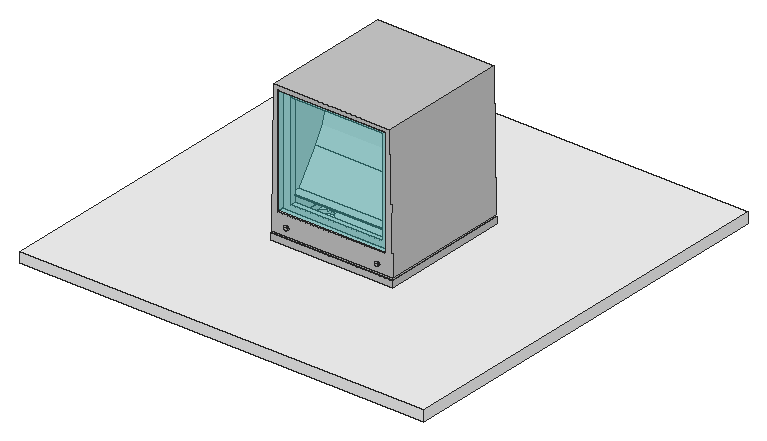
Revit family "BE_24371_de_DE", category Leuchten, Revit 2015
Parameters (values of type "BEGA_24371_Silber_K3")
  built-in parameter 1150104 = 12.802 (stored number, unit not read)
  Wattage = 16.4 W
  Default Elevation = 0 mm
  built-in parameter 1150113 = 1 (stored number, unit not read)
  built-in parameter 1114218 = 1 (stored number, unit not read)
  Umgebungstemperatur = ""
  URL = "http://www.bega.de/produkt/24371"
  Typenkommentare = "© 2016 BEGA. Wir behalten uns das Recht vor, technische Änderungen ohne vorherige Ankündigung vorzunehmen."  # constant formula
  Type Image = 24371.png
  built-in parameter 1150134 = (empty or 0)
  built-in parameter 1150109 = 1 (stored number, unit not read)
  Strom = ""
  built-in parameter 1150110 = 1 (stored number, unit not read)
  Spannung = 239.996 V
  Sonderanfertigung = no
  Seriennummer [instance] = "Hier können Sie die eindeutige Seriennummer für das Facility Management eintragen."
  Schutzklasse = "I"
  Schutzart = "IP 64"
  Scheinlast = 0 VA
  Produktdatenblatt = "http://www.bega.de/download/Xrfa/db/24371.db.de.pdf"
  Oberflächentemperatur = ""
  Neigungswinkel = 0.00°
  Modell = "24371A"
  Material_17 = BEGA_Reflektor
  Material_15 = BEGA_Leuchtmedium_matt
  Material_11 = BEGA_Glas_opal
  Material_09 = BEGA_Glas_klar
  Material_06 = BEGA_Oberfläche_Edelstahl_gebürstet
  Material_02 = BEGA_Oberfläche_Silber_matt
  Material_01 [instance] = BEGA_Oberfläche_Grafit_matt
  M_W = no
  M_G = no
  M_A = yes
  Logo = 0
  built-in parameter 1114217 = 1 (stored number, unit not read)
  built-in parameter 1150139 = (empty or 0)
  built-in parameter 1150105 = 179.84 (stored number, unit not read)
  built-in parameter 1150114 = 1 (stored number, unit not read)
  Lumens = 2259.92 lm
  built-in parameter 1150115 = 1 (stored number, unit not read)
  Leuchtenlichtstrom = "803 lm"
  Leuchtenanzahl = ""
  Lebensdauerkriterien = "L70 = 50.000 h"
  Lastklassifizierung = Beleuchtung
  built-in parameter 1150112 = 1 (stored number, unit not read)
  Lampenlichtstrom = "2260 lm"
  Lampe = "LED 16.4 W"
  LED_Modulbezeichnung = "2x LED-0650/830"
  built-in parameter 1150142 = (empty or 0)
  Hersteller = "BEGA"  # constant formula
  Halbstreuwinkel = ""
  Gewicht = "1.3 kg"
  Gebrauchslageneinschränkung [instance] = ""
  Frequenz = "0/50-60 Hz"
  Farbwiedergabeindex = "Ra > 80"
  Farbtemperaturverschiebung bei Dämpfen der Lampe = <Keine Auswahl>
  Farbtemperatur = "3000 K"
  Color Filter = 16777215
  built-in parameter 1150133 = 10 (stored number, unit not read)
  Energieeffizienzklasse = "LED A++ - A"
  built-in parameter 1150137 = (empty or 0)
  built-in parameter 1150132 = (empty or 0)
  ENEC = ""
  Datei für fotometrisches Netz = "BE_24371.IES"
  CE_Konformität = "ja"
  Bestellnummer = "24371A"
  Beschreibung_Sonderanfertigung = "Hier können Sie Informationen zur Sonderanfertigung eintragen."
  Beschreibung = "Wandleuchte"
  built-in parameter 1150106 = 1.7984 (stored number, unit not read)
  Befestigungsbohrung = "Ø 4,3 mm"
  Befestigungsabstand = "84 mm"
  Ballwurfsicher = ""
  BEGA_Intern_aus = yes
  BEGA_Intern_an = yes
  BEGA_Intern_Konstruktion = yes
  BEGA_Intern = yes
  BEGA_IES = yes
  BEGA_Dummy = no
  Anschlussleitung = ""
  Anschlussleistung [instance] = "19.6 W"
  built-in parameter 1150107 = 3000 (stored number, unit not read)
  built-in parameter 1150102 = (empty or 0)
  built-in parameter 1150138 = (empty or 0)
  Aktualisierung = "2016-06-21T04:10:22"
  Abstand_zur_angestrahlten_Fläche [instance] = ""
  AC/DC = "AC/DC"
Types (2, lengths in mm): name | Modell | M_G | M_A | Bestellnummer
  BEGA_24371_Grafit_K3 | "24371" | yes | no | "24371"
  BEGA_24371_Silber_K3 | "24371A" | no | yes | "24371A"
Reference planes
  plane 1 "Mitte (Vorne/Hinten)": y = 0
  plane 2: z = 0
  plane 3 "Mitte (Links/Rechts)": x = 0
  plane 4 "Links": x = -60.162
  plane 5 "Rechts": x = 60.162
  plane 6 "Unten": y = -64.412
  plane 7 "Oben": y = 64.412
  plane 8 "Vorne": z = 139.2
Forms (mm)
  Extrusion 1, solid, material "BEGA_Platte_Weiss"
    sketch origin (0, -1119.2, 0) x (1, 0, 0) y (0, 1, 0)
      loop
        line (-200, 1319.2) -> (-200, 919.2) -> (200, 919.2) -> (200, 1319.2) -> (-200, 1319.2)
    from 0 to -10
  Extrusion 2, solid, material "BEGA_Dummy_matt", visible <- "BEGA_Dummy"
    sketch origin (80.095, -76.023, 0) x (1, 0, 0) y (0, 1, 0)
      loop
        line (-140.258, 140.435) -> (-140.258, 11.611) -> (-19.933, 11.611) -> (-19.933, 140.435) -> (-140.258, 140.435)
    from 0 to 139.2
Dimensions and locks
  plane 1 "Mitte (Vorne/Hinten)" to Extrusion 1 = 200 mm
  aligned and locked: plane 2 to Extrusion 1
  aligned and locked: level to Extrusion 1
Nested families
  nested 1: "BE_24371" at (0, 0, 0) x (0, -1, 0) z (0, 0, 1), type "BE_24371"
Connectors
  electrical at (0, 0, 0), driven by "Lastklassifizierung", driven by "Spannung", driven by "Scheinlast"
    settings: index 1, voltage 239.996 V, apparent load 0 VA, apparent load phase1 0 VA, apparent load phase2 0 VA, apparent load phase3 0 VA, power factor 1, load classification "Beleuchtung", number of poles 1, system type 31, power factor state 1, is connector primary yes, connector utility no, sub classification motor no, connector description ""
Definition of nested family "BE_24371"
  Parameters (values of type "BE_24371")
    Default Elevation = 1 mm
    URL = "http://www.bega.de/de/produkt"
    Type Comments = "© 2015 BEGA. Wir behalten uns das Recht vor, technische Änderungen ohne vorherige Ankündigung vorzunehmen. "  # constant formula
    Type Image = (empty or 0)
    Material_17 = none
    Material_15 = none
    Material_11 = none
    Material_09 = none
    Material_06 = none
    Material_03 = none
    Material_02 = none
    Material_01 = none
    M_W = yes
    M_G = yes
    M_A = yes
    Länge_Platte = 200 mm  # constant formula
    Höhe_Platte = -10 mm  # constant formula
    Manufacturer = "BEGA"  # constant formula
    Breite_Platte = 200 mm  # constant formula
  Reference planes
    plane 1 "Mitte (Oben/Unten)": y = 0
    plane 2: z = 0
    plane 3 "Mitte (Links/Rechts)": x = 0
    plane 4 "Links": x = -64.412
    plane 5 "Unten": y = -60.162
    plane 6: z = 139.2
    plane 7: x = 64.412
    plane 8: y = 60.162
  Forms (mm)
    Extrusion 1, solid, detail levels medium
      sketch origin (0, 0, 0) x (1, 0, 0) y (0, 1, 0)
        loop
          line (-100, 100) -> (-100, -100) -> (100, -100) -> (100, 100) -> (-100, 100)
      from 0 to -10 <- "Höhe_Platte"
    Sweep 2, solid, material <- "Material_01", visible <- "M_G", detail levels medium+fine
      path origin (0, 0, 0) x (1, 0, 0) y (0, 1, 0)
        loop
          line (64.412, 60.162) -> (-64.412, 60.162) -> (-64.412, -60.162) -> (64.412, -60.162) -> (64.412, 60.162)
      profile origin (64.412, 0, 0) x (1, 0, 0) y (0, 0, 1)
        loop
          line (-0.162, 6.2) -> (-1.014, 6.2) -> (-1.014, 8.171) -> (-4.684, 11.3) -> (-8.075, 11.3) -> (-8.075, 9.009) -> (-6.963, 9.009) -> (-6.491, 0) -> (0, 0) -> (-0.162, 6.2)
    Extrusion 3, solid, material <- "Material_01", visible <- "M_G", detail levels medium+fine
      sketch origin (0, 0, 0) x (1, 0, 0) y (0, 1, 0)
        loop
          line (-56.338, -52.088) -> (56.338, -52.088) -> (56.338, 52.088) -> (-56.338, 52.088) -> (-56.338, -52.088)
      from 9.009 to 11.3
    Sweep 4, solid, material <- "Material_01", visible <- "M_G", detail levels medium+fine
      path origin (0, 0, 0) x (1, 0, 0) y (0, 1, 0)
        loop
          line (64.412, 60.162) -> (-64.412, 60.162) -> (-64.412, -60.162) -> (64.412, -60.162) -> (64.412, 60.162)
      profile origin (64.412, 0, 0) x (1, 0, 0) y (0, 0, 1)
        loop
          line (-17.409, 139.2) -> (-17.409, 136.7) -> (-10.961, 136.7) -> (-10.961, 11.3) -> (-4.605, 11.3) -> (-1.162, 8.2) -> (-0.162, 8.2) -> (-0.162, 139.2) -> (-17.409, 139.2)
    Extrusion 5, solid, material <- "Material_01", visible <- "M_G", detail levels medium+fine
      sketch origin (0, 0, 0) x (1, 0, 0) y (0, 1, 0)
        loop
          line (-47.003, -42.753) -> (47.003, -42.753) -> (47.003, 42.753) -> (-47.003, 42.753) -> (-47.003, -42.753)
      from 136.7 to 139.2
    Extrusion 6, void
      sketch origin (0, 0, 0.047) x (0, 1, 0) y (0, 0, 1)
        loop
          line (-62.675, -155.234) -> (-57.381, 148.019) -> (-62.675, 148.019) -> (-62.675, -155.234)
        loop
          line (62.675, -155.234) -> (62.675, 148.019) -> (57.381, 148.019) -> (62.675, -155.234)
      from -72.582 to 69.401
    Extrusion 7, void
      sketch origin (0, 0, 0) x (1, 0, 0) y (0, 0, 1)
        loop
          line (57.95, 135.201) -> (57.95, 27.577) -> (65.478, 27.577) -> (65.478, 135.201) -> (57.95, 135.201)
      from -53.343 to 53.419
    Extrusion 8, void
      sketch origin (0, 0, 0) x (1, 0, 0) y (0, 0, 1)
        loop
          line (57.95, 129.183) -> (52.659, 129.183) -> (52.659, 33.634) -> (57.95, 33.634) -> (57.95, 129.183)
      from -45.709 to 45.635
    Extrusion 9, solid, material <- "Material_09", detail levels medium+fine
      sketch origin (0, 0, 0) x (1, 0, 0) y (0, 0, 1)
        loop
          line (63.95, 134.55) -> (57.95, 134.55) -> (57.95, 28.05) -> (63.95, 28.05) -> (63.95, 134.55)
      from -52.654 to 52.734
    Extrusion 10, solid, material <- "Material_17", detail levels medium+fine
      sketch origin (0, 0, 0) x (1, 0, 0) y (0, 0, 1)
        loop
          line (-23.835, 70.194) -> (-43.997, 41.4) -> (-54.106, 41.4) -> (-54.106, 40.569) -> (-43.663, 40.569) -> (-23.221, 69.763)
          arc (-23.221, 69.763) -> (-11.748, 92.854) -> (-7.8, 118.334) r 84.202
          line (-7.8, 118.334) -> (-7.8, 127.15)
          arc (-7.8, 127.15) -> (-7.507, 127.857) -> (-6.8, 128.15) r 1
          line (-6.8, 128.15) -> (6.8, 128.15)
          arc (6.8, 128.15) -> (7.507, 127.857) -> (7.8, 127.15) r 1
          line (7.8, 127.15) -> (7.8, 118.334)
          arc (7.8, 118.334) -> (11.748, 92.854) -> (23.221, 69.763) r 84.202
          line (23.221, 69.763) -> (43.663, 40.569) -> (54.106, 40.569) -> (54.106, 41.4) -> (43.997, 41.4) -> (23.835, 70.194)
          arc (23.835, 70.194) -> (12.515, 93.088) -> (8.55, 118.319) r 84.524
          line (8.55, 118.319) -> (8.55, 127.15)
          arc (8.55, 127.15) -> (8.037, 128.387) -> (6.8, 128.9) r 1.75
          line (6.8, 128.9) -> (-6.8, 128.9)
          arc (-6.8, 128.9) -> (-8.037, 128.387) -> (-8.55, 127.15) r 1.75
          line (-8.55, 127.15) -> (-8.55, 118.318)
          arc (-8.55, 118.318) -> (-12.515, 93.088) -> (-23.835, 70.194) r 84.524
      from -53.343 to 53.419
    Revolve 11, solid, material <- "Material_06", detail levels fine
      sketch origin (0, 0, 15.837) x (1, 0, 0) y (0, 1, 0)
        loop
          line (64.75, -45) -> (62.292, -45) -> (62.292, -47) -> (64.75, -47) -> (64.75, -45)
        axis (62.292, -45) -> (64.75, -45)
      angle from 0 to 360
    Revolve 12, solid, material <- "Material_06", detail levels fine
      sketch origin (0, 0, 15.837) x (1, 0, 0) y (0, 1, 0)
        loop
          line (64.75, 45) -> (64.75, 47) -> (62.292, 47) -> (62.292, 45) -> (64.75, 45)
        axis (62.292, 45) -> (64.75, 45)
      angle from 0 to 360
    Sweep 13, solid, material <- "Material_02", visible <- "M_A", detail levels medium+fine
      path origin (0, 0, 0) x (1, 0, 0) y (0, 1, 0)
        loop
          line (64.412, 60.162) -> (-64.412, 60.162) -> (-64.412, -60.162) -> (64.412, -60.162) -> (64.412, 60.162)
      profile origin (64.412, 0, 0) x (1, 0, 0) y (0, 0, 1)
        loop
          line (-17.409, 139.2) -> (-17.409, 136.7) -> (-10.961, 136.7) -> (-10.961, 11.3) -> (-4.605, 11.3) -> (-1.162, 8.2) -> (-0.162, 8.2) -> (-0.162, 139.2) -> (-17.409, 139.2)
    Extrusion 14, solid, material <- "Material_02", visible <- "M_A", detail levels medium+fine
      sketch origin (0, 0, 0) x (1, 0, 0) y (0, 1, 0)
        loop
          line (-47.003, -42.753) -> (47.003, -42.753) -> (47.003, 42.753) -> (-47.003, 42.753) -> (-47.003, -42.753)
      from 136.7 to 139.2
    Sweep 15, solid, material <- "Material_02", visible <- "M_A", detail levels medium+fine
      path origin (0, 0, 0) x (1, 0, 0) y (0, 1, 0)
        loop
          line (64.412, 60.162) -> (-64.412, 60.162) -> (-64.412, -60.162) -> (64.412, -60.162) -> (64.412, 60.162)
      profile origin (64.412, 0, 0) x (1, 0, 0) y (0, 0, 1)
        loop
          line (-0.162, 6.2) -> (-1.014, 6.2) -> (-1.014, 8.171) -> (-4.684, 11.3) -> (-8.075, 11.3) -> (-8.075, 9.009) -> (-6.963, 9.009) -> (-6.491, 0) -> (0, 0) -> (-0.162, 6.2)
    Extrusion 16, solid, material <- "Material_02", visible <- "M_A", detail levels medium+fine
      sketch origin (0, 0, 0) x (1, 0, 0) y (0, 1, 0)
        loop
          line (-56.338, -52.088) -> (56.338, -52.088) -> (56.338, 52.088) -> (-56.338, 52.088) -> (-56.338, -52.088)
      from 9.009 to 11.3
    Extrusion 17, void
      sketch origin (0, 0, 0) x (1, 0, 0) y (0, 1, 0)
        loop
          circle (5, 42) r 2.54
        loop
          circle (5, -42) r 2.54
        loop
          circle (24, 40) r 8.5
        loop
          circle (24, -40) r 8.5
      from 0 to 15.1
    Extrusion 18, void
      sketch origin (0, 0, 0) x (-1, 0, 0) y (0, 0, -1)
        loop
          line (57.95, -135.201) -> (65.478, -135.201) -> (65.478, -27.577) -> (57.95, -27.577) -> (57.95, -135.201)
      from -53.343 to 53.419
    Extrusion 19, void
      sketch origin (0, 0, 0) x (-1, 0, 0) y (0, 0, -1)
        loop
          line (57.95, -129.183) -> (57.95, -33.634) -> (52.659, -33.634) -> (52.659, -129.183) -> (57.95, -129.183)
      from -45.709 to 45.635
    Extrusion 20, solid, material <- "Material_09", detail levels medium+fine
      sketch origin (0, 0, 0) x (-1, 0, 0) y (0, 0, -1)
        loop
          line (63.95, -134.55) -> (63.95, -28.05) -> (57.95, -28.05) -> (57.95, -134.55) -> (63.95, -134.55)
      from -52.654 to 52.734
  Cuts and joins
    Extrusion 17 cuts Sweep 2
    Extrusion 17 cuts Extrusion 3
    joined: Sweep 2, Extrusion 3
    Extrusion 6, Extrusion 7, Extrusion 8, Extrusion 17, Extrusion 18, Extrusion 19 cuts Sweep 4
    Extrusion 6, Extrusion 7, Extrusion 8, Extrusion 17, Extrusion 18, Extrusion 19 cuts Extrusion 5
    joined: Sweep 4, Extrusion 5
    Extrusion 6, Extrusion 7, Extrusion 8, Extrusion 17, Extrusion 18, Extrusion 19 cuts Sweep 13
    Extrusion 17, Extrusion 18, Extrusion 19 cuts Extrusion 14
    joined: Sweep 13, Extrusion 14
    Extrusion 17 cuts Sweep 15
    Extrusion 17 cuts Extrusion 16
    joined: Sweep 15, Extrusion 16
    Extrusion 17, Extrusion 19 cuts Extrusion 10
    Extrusion 18 cuts Extrusion 9
  Dimensions and locks
    equal spacing: Extrusion 1 sketch curve, plane 3 "Mitte (Links/Rechts)", Extrusion 1 sketch curve
    equal spacing: Extrusion 1 sketch curve, plane 1 "Mitte (Oben/Unten)", Extrusion 1 sketch curve
    "Länge_Platte": Extrusion 1 sketch curve to Extrusion 1 sketch curve
    "Breite_Platte": Extrusion 1 sketch curve to Extrusion 1 sketch curve
    aligned and locked: Extrusion 1 to plane 2
    aligned and locked: level to Extrusion 1
  Automatic sketch dimensions
    Sweep 2 sketch curve to plane 4 "Links" = 0 mm
    Sweep 2 sketch curve to plane 5 "Unten" = 0 mm
    plane 7 to Sweep 2 sketch curve = 0 mm
    plane 8 to Sweep 2 sketch curve = 0 mm
    Sweep 2 sketch curve to level = 0 mm
    profile plane to Sweep 2 sketch curve = 0 mm
    profile plane to Sweep 2 sketch curve = 0.162 mm
    Sweep 2 sketch curve to Sweep 2 sketch curve = 0.852 mm
    profile plane to Sweep 2 sketch curve = 4.684 mm
    profile plane to Sweep 2 sketch curve = 6.491 mm
    Sweep 2 sketch curve to Sweep 2 sketch curve = 2.278 mm
    Sweep 2 sketch curve to Sweep 2 sketch curve = 1.112 mm
    level to Sweep 2 sketch curve = 6.2 mm
    Sweep 2 sketch curve to Sweep 2 sketch curve = 1.971 mm
    Sweep 2 sketch curve to Sweep 2 sketch curve = 0.838 mm
    Sweep 2 sketch curve to Sweep 2 sketch curve = 2.291 mm
    plane 4 "Links" to Extrusion 3 sketch curve = 8.075 mm
    plane 7 to Extrusion 3 sketch curve = 8.075 mm
    plane 5 "Unten" to Extrusion 3 sketch curve = 8.075 mm
    plane 8 to Extrusion 3 sketch curve = 8.075 mm
    Sweep 4 sketch curve to plane 4 "Links" = 0 mm
    Sweep 4 sketch curve to plane 5 "Unten" = 0 mm
    plane 7 to Sweep 4 sketch curve = 0 mm
    plane 8 to Sweep 4 sketch curve = 0 mm
    profile plane to Sweep 4 sketch curve = 17.409 mm
    Sweep 4 sketch curve to Sweep 4 sketch curve = 6.448 mm
    profile plane to Sweep 4 sketch curve = 4.605 mm
    profile plane to Sweep 4 sketch curve = 1.162 mm
    profile plane to Sweep 4 sketch curve = 0.162 mm
    level to Sweep 4 sketch curve = 8.2 mm
    Sweep 4 sketch curve to Sweep 4 sketch curve = 3.1 mm
    Sweep 4 sketch curve to Sweep 4 sketch curve = 125.4 mm
    Sweep 4 sketch curve to Sweep 4 sketch curve = 2.5 mm
    plane 4 "Links" to Extrusion 5 sketch curve = 17.409 mm
    plane 7 to Extrusion 5 sketch curve = 17.409 mm
    plane 5 "Unten" to Extrusion 5 sketch curve = 17.409 mm
    plane 8 to Extrusion 5 sketch curve = 17.409 mm
    Extrusion 6 sketch curve to plane 5 "Unten" = 2.512 mm
    plane 5 "Unten" to Extrusion 6 sketch curve = 2.781 mm
    plane 8 to Extrusion 6 sketch curve = 2.781 mm
    Extrusion 6 sketch curve to plane 8 = 2.512 mm
    Extrusion 6 sketch curve to level = 155.187 mm
    Extrusion 6 sketch curve to Extrusion 6 sketch curve = 0 mm
    plane 6 to Extrusion 6 sketch curve = 8.865 mm  (x2)
    plane 7 to Extrusion 7 sketch curve = 6.462 mm
    Extrusion 7 sketch curve to plane 7 = 1.066 mm
    level to Extrusion 7 sketch curve = 27.577 mm
    Extrusion 7 sketch curve to plane 6 = 3.999 mm
    plane 7 to Extrusion 8 sketch curve = 11.754 mm
    Extrusion 8 sketch curve to Extrusion 8 sketch curve = 5.291 mm
    level to Extrusion 8 sketch curve = 33.634 mm
    Extrusion 8 sketch curve to plane 6 = 10.017 mm
    plane 7 to Extrusion 9 sketch curve = 6.462 mm
    plane 7 to Extrusion 9 sketch curve = 0.462 mm
    level to Extrusion 9 sketch curve = 28.05 mm
    Extrusion 9 sketch curve to plane 6 = 4.65 mm
    Extrusion 10 sketch curve to Extrusion 10 sketch curve = 0 mm  (x5)
    Extrusion 10 sketch curve to plane 4 "Links" = 28.661 mm
    Extrusion 10 sketch curve to Extrusion 10 sketch curve = 1.071 mm  (x2)
    plane 4 "Links" to Extrusion 10 sketch curve = 10.306 mm
    Extrusion 10 sketch curve to Extrusion 10 sketch curve = 10.11 mm  (x2)
    Extrusion 10 sketch curve to Extrusion 10 sketch curve = 0.334 mm  (x2)
    Extrusion 10 sketch curve to plane 3 "Mitte (Links/Rechts)" = 23.835 mm
    Extrusion 10 sketch curve to Extrusion 10 sketch curve = 0.614 mm  (x2)
    Extrusion 10 sketch curve to plane 3 "Mitte (Links/Rechts)" = 8.55 mm
    Extrusion 10 sketch curve to Extrusion 10 sketch curve = 0.75 mm
    Extrusion 10 sketch curve to Extrusion 10 sketch curve = 1 mm  (x2)
    plane 3 "Mitte (Links/Rechts)" to Extrusion 10 sketch curve = 6.8 mm
    plane 3 "Mitte (Links/Rechts)" to Extrusion 10 sketch curve = 23.221 mm
    plane 7 to Extrusion 10 sketch curve = 20.75 mm
    Extrusion 10 sketch curve to plane 7 = 27.59 mm
    level to Extrusion 10 sketch curve = 40.569 mm  (x2)
    Extrusion 10 sketch curve to Extrusion 10 sketch curve = 0.831 mm  (x2)
    Extrusion 10 sketch curve to Extrusion 10 sketch curve = 28.363 mm  (x2)
    Extrusion 10 sketch curve to Extrusion 10 sketch curve = 0.43 mm  (x2)
    Extrusion 10 sketch curve to Extrusion 10 sketch curve = 0.016 mm  (x2)
    Extrusion 10 sketch curve to Extrusion 10 sketch curve = 0.34 mm
    Extrusion 10 sketch curve to Extrusion 10 sketch curve = 8.831 mm
    plane 7 to Revolve 11 sketch curve = 2.12 mm
    Revolve 11 sketch curve to plane 7 = 0.338 mm
    plane 5 "Unten" to Revolve 11 sketch curve = 13.162 mm
    Revolve 11 sketch curve to Revolve 11 sketch curve = 2 mm
    Revolve 11 sketch curve to Revolve 11 sketch curve = 0 mm  (x3)
    plane 7 to Revolve 12 sketch curve = 2.12 mm
    Revolve 12 sketch curve to plane 7 = 0.338 mm
    plane 8 to Revolve 12 sketch curve = 15.162 mm
    Revolve 12 sketch curve to Revolve 12 sketch curve = 2 mm
    Revolve 12 sketch curve to Revolve 12 sketch curve = 0 mm  (x3)
    Sweep 13 sketch curve to plane 4 "Links" = 0 mm
    Sweep 13 sketch curve to plane 5 "Unten" = 0 mm
    plane 7 to Sweep 13 sketch curve = 0 mm
    plane 8 to Sweep 13 sketch curve = 0 mm
    profile plane to Sweep 13 sketch curve = 17.409 mm
    Sweep 13 sketch curve to Sweep 13 sketch curve = 6.448 mm
    profile plane to Sweep 13 sketch curve = 4.605 mm
    profile plane to Sweep 13 sketch curve = 1.162 mm
    profile plane to Sweep 13 sketch curve = 0.162 mm
    level to Sweep 13 sketch curve = 8.2 mm
    Sweep 13 sketch curve to Sweep 13 sketch curve = 3.1 mm
    Sweep 13 sketch curve to Sweep 13 sketch curve = 125.4 mm
    Sweep 13 sketch curve to Sweep 13 sketch curve = 2.5 mm
    plane 4 "Links" to Extrusion 14 sketch curve = 17.409 mm
    plane 7 to Extrusion 14 sketch curve = 17.409 mm
    plane 5 "Unten" to Extrusion 14 sketch curve = 17.409 mm
    plane 8 to Extrusion 14 sketch curve = 17.409 mm
    Sweep 15 sketch curve to plane 4 "Links" = 0 mm
    Sweep 15 sketch curve to plane 5 "Unten" = 0 mm
    plane 7 to Sweep 15 sketch curve = 0 mm
    plane 8 to Sweep 15 sketch curve = 0 mm
    Sweep 15 sketch curve to level = 0 mm
    profile plane to Sweep 15 sketch curve = 0 mm
    profile plane to Sweep 15 sketch curve = 0.162 mm
    Sweep 15 sketch curve to Sweep 15 sketch curve = 0.852 mm
    profile plane to Sweep 15 sketch curve = 4.684 mm
    profile plane to Sweep 15 sketch curve = 6.491 mm
    Sweep 15 sketch curve to Sweep 15 sketch curve = 2.278 mm
    Sweep 15 sketch curve to Sweep 15 sketch curve = 1.112 mm
    level to Sweep 15 sketch curve = 6.2 mm
    Sweep 15 sketch curve to Sweep 15 sketch curve = 1.971 mm
    Sweep 15 sketch curve to Sweep 15 sketch curve = 0.838 mm
    Sweep 15 sketch curve to Sweep 15 sketch curve = 2.291 mm
    plane 4 "Links" to Extrusion 16 sketch curve = 8.075 mm
    plane 7 to Extrusion 16 sketch curve = 8.075 mm
    plane 5 "Unten" to Extrusion 16 sketch curve = 8.075 mm
    plane 8 to Extrusion 16 sketch curve = 8.075 mm
    plane 3 "Mitte (Links/Rechts)" to Extrusion 17 sketch curve = 5 mm  (x2)
    Extrusion 17 sketch curve to Extrusion 17 sketch curve = 19 mm  (x2)
    plane 5 "Unten" to Extrusion 17 sketch curve = 18.162 mm
    Extrusion 17 sketch curve to Extrusion 17 sketch curve = 2 mm
    plane 8 to Extrusion 17 sketch curve = 20.162 mm
    plane 8 to Extrusion 17 sketch curve = 18.162 mm
    Extrusion 18 sketch curve to plane 4 "Links" = 6.462 mm
    plane 4 "Links" to Extrusion 18 sketch curve = 1.066 mm
    Extrusion 18 sketch curve to level = 27.577 mm
    plane 6 to Extrusion 18 sketch curve = 3.999 mm
    Extrusion 19 sketch curve to plane 4 "Links" = 11.754 mm
    Extrusion 19 sketch curve to Extrusion 19 sketch curve = 5.291 mm
    Extrusion 19 sketch curve to level = 33.634 mm
    plane 6 to Extrusion 19 sketch curve = 10.017 mm
    Extrusion 20 sketch curve to plane 4 "Links" = 6.462 mm
    Extrusion 20 sketch curve to plane 4 "Links" = 0.462 mm
    Extrusion 20 sketch curve to level = 28.05 mm
    plane 6 to Extrusion 20 sketch curve = 4.65 mm
    radius of Extrusion 17 sketch curve = 2.54 mm  (x2)
    radius of Extrusion 17 sketch curve = 8.5 mm  (x2)
